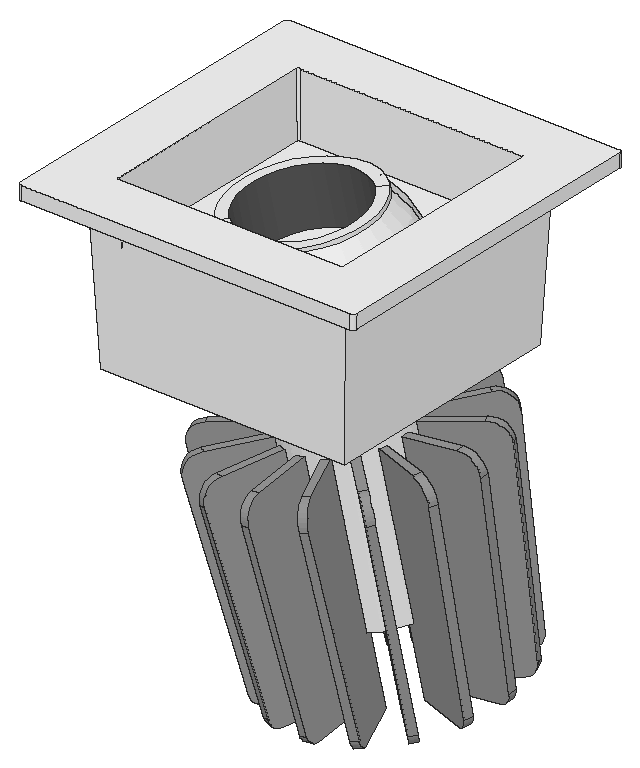
Revit family "2056228 Sylvania Lighting Fixture MYD ADJ SQ WHT 4K PHDIM WHT BEZ", category Lighting Fixtures, host Face, Revit 2016
Family settings
  Host = Face
  Part Type = Normal
  Round Connector Dimension = Use Diameter
  OmniClass Number = 23.80.70.00
  OmniClass Title = Lighting
  Cut with Voids When Loaded = Yes
  Light Source = No
  Shared = No
  Room Calculation Point = No
Parameters (values of type "2056228 MYD ADJ SQ WHT 4K PHDIM WHT BEZ")
  WidthCutOut_SYL = 72 mm
  Width_SYL = 86 mm
  WidthBezel_SYL = 7 mm
  Weight = "0.38 kg"
  Wattage Comments = "n/a"
  WarrantyStartDate [instance] = "n/a"
  WarrantyGuarantorParts = "n/a"
  WarrantyDurationUnit = "n/a"
  WarrantyDurationParts = "n/a"
  WarrantyDescription = "n/a"
  Voltage = 0 V
  VerticalTiltStart_FEILO [instance] = VerticalTilt_FEILO + 90.00°  # 135.00°
  VerticalTilt_FEILO [instance] = 45.00°
  URL = "http://www.sylvania-lighting.com"
  TypeName = "MYD ADJ SQ WHT 4K PHDIM WHT BEZ"
  TypeLamp_SYL = Myriad Adjustable Square Lamp : 2056228 MYD ADJ SQ WHT 4K PHDIM WHT BEZ
  Type Image = <None>
  Type Comments = "n/a"
  SphereRadius_FEILO = 31 mm
  SerialNumber [instance] = "n/a"
  Material_3_SYL = none
  PowerFactor = 0
  PowerConsumption = "10 W"
  NominalLength = 0 mm
  NominalHeight = 115 mm
  NominalDepth = 76 mm
  Name = "MYD ADJ SQ WHT 4K PHDIM WHT BEZ"
  ModelReference = Name  # "MYD ADJ SQ WHT 4K PHDIM WHT BEZ"
  ModelNumber = "2056228"
  Model = Name  # "MYD ADJ SQ WHT 4K PHDIM WHT BEZ"
  Material = "polycarbonate housing"
  ManufacturerName = "Feilo Sylvania"
  Manufacturer = "Feilo Sylvania"
  LuminousEfficacy = "68 lm/W"
  LuminaireType = ""
  LightOutputRatio = "100"
  LampsType = Lamp  # "LED"
  LampNominalLuminous = "684 lm"
  LampMacAdamStep = "n/a"
  LampColourTemperature = "4000 K"
  LampColourRenderingIndex = "85"
  Lamp = "LED"
  Keynote = "16500"
  InstallationDate [instance] = "n/a"
  InputVoltage = "n/a"
  InputNominalFrequency = "n/a"
  IngressProtection = "IP20"
  ImpactProtectionIndex = "IK02"
  IfcExportType = "IfcLightFixtureType"
  IfcExportAs = "IfcLightFixtureType"
  HorizontalTilt_FEILO [instance] = 10.00°
  HeightVoid_SYL = 16 mm
  HeightTop_SYL = 40 mm
  HeightBezel_SYL = 3.5 mm
  ExpectedLife = 50000
  ElectricShockClassification = "Class II"
  DurationUnit = "hours"
  DraftIn_SYL = tan(DraftAngle_SYL) * HeightVoid_SYL  # 0.699 mm
  DraftOut_SYL = tan(DraftAngle_SYL) * HeightTop_SYL  # 1.746 mm
  DraftAngle_SYL = 2.50°
  DocumentationLiterature = "http://www.sylvania-lighting.com/product/en-int/products/2056228"
  DimmingControlOptions = "n/a"
  Material_2_SYL = none
  Description = "MYD ADJ SQ WHT 4K PHDIM WHT BEZ"
  Default Elevation = 1219.2 mm
  CreatedOn = "9/11/2018"
  CreatedBy = "@sylvania-lighting.com"
  Cost = 0
  built-in parameter 1114216 [instance] = (empty or 0)
  ClassificationValue = "EF_70_80"
  ClassificationName = "Uniclass2015"
  Material_1_SYL = Body-Sylvania-MyriadAdjustableRound-White
  BarCode [instance] = "n/a"
  AssetType = "Fixed"
  AssetIdentifier [instance] = "n/a"
  Assembly Code = "D5020200"
  Apparent Load = 10 VA
  Material_4_SYL = Body-Sylvania-MyriadAdjustableRound-White
Reference planes
  plane 1 "Center (Front/Back)": y = 0
  plane 2: z = 0
  plane 3 "Center (Left/Right)": x = 0
  plane 4: z = 3.5
  plane 5: z = -12.5
  plane 6: z = -24.5
  plane 7: x = -36
  plane 8: x = 36
  plane 9: x = -43
  plane 10: x = 43
  plane 11: x = -33
  plane 12: x = -31.254
  plane 13: x = 33
  plane 14: x = 31.254
  plane 15: y = 43
  plane 16: y = -43
  plane 17: y = 36
  plane 18: y = -36
  plane 19: y = -33
  plane 20: y = 33
  plane 21: y = 31.254
  plane 22: y = -31.254
  plane 23: z = -40
  plane 24: z = -130
  plane 25: y = 29
  plane 26: x = -29
  plane 27: x = 29
  plane 28: y = -29
  plane 29: x = -28.301
  plane 30: y = 28.301
  plane 31: x = 28.301
  plane 32: y = -28.301
  plane 33: x = -42.5
  plane 34: z = 3
Forms (mm)
  Revolve 1, solid, not visible
    sketch origin (0, 0, 0) x (1, 0, 0) y (0, 0, 1)
      loop
        line (0, -24.5) -> (2.4, -24.5) -> (2.4, -12.5) -> (0, -12.5) -> (0, -24.5)
      axis (0, -12.5) -> (0, -24.5)
    angle from 135 <- "VerticalTiltStart_FEILO" to 45 <- "VerticalTilt_FEILO"
  Extrusion 2, void
    sketch origin (0, 0, 0) x (1, 0, 0) y (0, 1, 0)
      loop
        line (-36, 36) -> (-36, -36) -> (36, -36) -> (36, 36) -> (-36, 36)
    from 0 to -130
  Extrusion 3, solid, material "Body-Sylvania-MyriadAdjustableRound-White" <- "Material_1_SYL"
    sketch origin (0, 0, 0) x (1, 0, 0) y (0, 1, 0)
      loop
        arc (-42, 43) -> (-42.707, 42.707) -> (-43, 42) r 1
        line (-43, 42) -> (-43, -42)
        arc (-43, -42) -> (-42.707, -42.707) -> (-42, -43) r 1
        line (-42, -43) -> (42, -43)
        arc (42, -43) -> (42.707, -42.707) -> (43, -42) r 1
        line (43, -42) -> (43, 42)
        arc (43, 42) -> (42.707, 42.707) -> (42, 43) r 1
        line (42, 43) -> (-42, 43)
    from 0 to 3.5
  Blend 4, solid, material "Body-Sylvania-MyriadAdjustableRound-White" <- "Material_1_SYL"
    base sketch origin (0, 0, 0) x (1, 0, 0) y (0, 1, 0)
      loop
        line (-33, 33) -> (-33, -33) -> (33, -33) -> (33, 33) -> (-33, 33)
    top sketch origin (0, 0, 0) x (1, 0, 0) y (0, 1, 0)
      loop
        line (-31.254, 31.254) -> (-31.254, -31.254) -> (31.254, -31.254) -> (31.254, 31.254) -> (-31.254, 31.254)
    from 0 to -40
  Blend 5, void
    base sketch origin (1223.4, -4572, 3.5) x (-1, 0, 0) y (0, -1, 0)
      loop
        arc (1251.727, -4601) -> (1252.203, -4600.803) -> (1252.4, -4600.327) r 0.673
        line (1252.4, -4600.327) -> (1252.4, -4543.673)
        arc (1252.4, -4543.673) -> (1252.203, -4543.197) -> (1251.727, -4543) r 0.673
        line (1251.727, -4543) -> (1195.073, -4543)
        arc (1195.073, -4543) -> (1194.597, -4543.197) -> (1194.4, -4543.673) r 0.673
        line (1194.4, -4543.673) -> (1194.4, -4600.327)
        arc (1194.4, -4600.327) -> (1194.597, -4600.803) -> (1195.073, -4601) r 0.673
        line (1195.073, -4601) -> (1251.727, -4601)
    top sketch origin (1223.4, -4572, 3.5) x (-1, 0, 0) y (0, -1, 0)
      loop
        arc (1251.201, -4600.301) -> (1251.555, -4600.155) -> (1251.701, -4599.801) r 0.5
        line (1251.701, -4599.801) -> (1251.701, -4544.199)
        arc (1251.701, -4544.199) -> (1251.555, -4543.845) -> (1251.201, -4543.699) r 0.5
        line (1251.201, -4543.699) -> (1195.638, -4543.699)
        arc (1195.638, -4543.699) -> (1195.257, -4543.857) -> (1195.099, -4544.238) r 0.539
        line (1195.099, -4544.238) -> (1195.099, -4599.801)
        arc (1195.099, -4599.801) -> (1195.245, -4600.155) -> (1195.599, -4600.301) r 0.5
        line (1195.599, -4600.301) -> (1251.201, -4600.301)
    from 0 to -16
  Revolve 6, void
    sketch origin (0, 0, 0) x (1, 0, 0) y (0, 0, 1)
      loop
        arc (0, 5.853) -> (-24.7, -24.5) -> (0, -54.853) r 31
        line (0, -54.853) -> (0, 5.853)
      axis (0, 5.853) -> (0, -54.853)
    angle from 360 to 0
Cuts and joins
  Blend 5 cuts Extrusion 3
  Blend 5, Revolve 6 cuts Blend 4
  joined: Extrusion 3, Blend 4
Lines and regions (mm)
  reference lines
    curve 1: circle (6.3, 0, -24.5) r 31 normal (0, -1, 0)
Dimensions and locks
  "HeightBezel_SYL": plane 4 to plane 2
  locked: plane 5 to plane 6 at 12
  equal spacing: plane 9, plane 3 "Center (Left/Right)", plane 10
  equal spacing: plane 16, plane 1 "Center (Front/Back)", plane 15
  "Width_SYL": plane 16 to plane 15
  "Width_SYL": plane 9 to plane 10
  equal spacing: plane 7, plane 3 "Center (Left/Right)", plane 8
  "WidthCutOut_SYL": plane 7 to plane 8
  equal spacing: plane 18, plane 1 "Center (Front/Back)", plane 17
  "WidthCutOut_SYL": plane 18 to plane 17
  equal spacing: plane 11, plane 3 "Center (Left/Right)", plane 13
  equal spacing: plane 19, plane 1 "Center (Front/Back)", plane 20
  locked: plane 18 to plane 19 at 3
  locked: plane 7 to plane 11 at 3
  equal spacing: plane 12, plane 3 "Center (Left/Right)", plane 14
  "DraftOut_SYL": plane 11 to plane 12
  equal spacing: plane 22, plane 1 "Center (Front/Back)", plane 21
  "DraftOut_SYL": plane 19 to plane 22
  "HeightTop_SYL": plane 2 to plane 23
  locked: plane 2 to plane 24 at 130
  equal spacing: plane 26, plane 3 "Center (Left/Right)", plane 27
  equal spacing: plane 28, plane 1 "Center (Front/Back)", plane 25
  "WidthBezel_SYL": plane 25 to plane 17
  "WidthBezel_SYL": plane 7 to plane 26
  equal spacing: plane 29, plane 3 "Center (Left/Right)", plane 31
  "DraftIn_SYL": plane 26 to plane 29
  equal spacing: plane 32, plane 1 "Center (Front/Back)", plane 30
  "DraftIn_SYL": plane 28 to plane 32
  "HeightVoid_SYL": plane 4 to plane 5
  locked: plane 33 to plane 9 at 0.5
  locked: plane 4 to plane 34 at 0.5
  curve 1 to plane 3 "Center (Left/Right)" = 6.3 mm
  "SphereRadius_FEILO": radius of curve 1
  aligned and locked: plane 2 to host face
  aligned and locked: level to host face
  aligned and locked: plane 6 to Revolve 1 sketch curve
  aligned and locked: Revolve 1 sketch curve to plane 3 "Center (Left/Right)"  (x2)
  aligned and locked: Revolve 1 sketch curve to plane 5
  aligned and locked: plane 17 to Extrusion 2 sketch curve
  aligned and locked: Extrusion 2 sketch curve to plane 18
  aligned and locked: Extrusion 2 sketch curve to plane 8
  aligned and locked: plane 7 to Extrusion 2 sketch curve
  aligned and locked: plane 24 to Extrusion 2
  aligned and locked: level to Extrusion 2
  aligned and locked: plane 15 to Extrusion 3 sketch curve
  aligned and locked: plane 9 to Extrusion 3 sketch curve
  aligned and locked: Extrusion 3 sketch curve to plane 16
  aligned and locked: Extrusion 3 sketch curve to plane 10
  aligned and locked: Extrusion 3 to plane 4
  aligned and locked: Extrusion 3 to level
  aligned and locked: plane 20 to Blend 4 sketch curve
  aligned and locked: Blend 4 sketch curve to plane 19
  aligned and locked: Blend 4 sketch curve to plane 13
  aligned and locked: plane 11 to Blend 4 sketch curve
  aligned and locked: plane 21 to Blend 4 sketch curve
  aligned and locked: plane 12 to Blend 4 sketch curve
  aligned and locked: Blend 4 sketch curve to plane 22
  aligned and locked: Blend 4 sketch curve to plane 14
  aligned and locked: plane 23 to Blend 4
  aligned and locked: level to Blend 4
  aligned and locked: nested 1 to plane 6
  aligned and locked: plane 25 to Blend 5 sketch curve
  aligned and locked: plane 26 to Blend 5 sketch curve
  aligned and locked: Blend 5 sketch curve to plane 28
  aligned and locked: Blend 5 sketch curve to plane 27
  aligned and locked: plane 30 to Blend 5 sketch curve
  aligned and locked: plane 29 to Blend 5 sketch curve
  aligned and locked: Blend 5 sketch curve to plane 32
  aligned and locked: Blend 5 sketch curve to plane 31
  aligned and locked: plane 5 to Blend 5
  aligned and locked: Blend 5 to plane 4
  aligned and locked: plane 6 to curve 1
  aligned and locked: Revolve 6 sketch curve to plane 3 "Center (Left/Right)"
Automatic sketch dimensions
  host sketch curve to host sketch curve = 2438.4 mm  (x2)
  Revolve 1 sketch curve to plane 4 = 2605.558 mm
  plane 3 "Center (Left/Right)" to Revolve 1 sketch curve = 2.4 mm
  plane 6 to Revolve 1 sketch curve = 577.6 mm
  plane 9 to Extrusion 3 sketch curve = 1 mm
  Extrusion 3 sketch curve to Extrusion 3 sketch curve = 1 mm
  Extrusion 3 sketch curve to plane 10 = 1 mm  (x2)
  plane 31 to Blend 5 sketch curve = 0.026 mm  (x2)
  Blend 5 sketch curve to plane 29 = 0.026 mm  (x2)
  Blend 5 sketch curve to Blend 5 sketch curve = 0.5 mm
  Blend 5 sketch curve to Blend 5 sketch curve = 0.539 mm
  plane 29 to Blend 5 sketch curve = 0.5 mm  (x2)
  plane 24 to Revolve 6 sketch curve = 479.6 mm
  Revolve 6 sketch curve to plane 4 = 2605.558 mm
  Revolve 6 sketch curve to plane 3 "Center (Left/Right)" = 0 mm
  Revolve 6 sketch curve to plane 6 = 0 mm
  plane 3 "Center (Left/Right)" to Revolve 6 sketch curve = 6.3 mm
  Revolve 6 sketch curve to plane 4 = 2.353 mm
Nested families
  nested 1: "Myriad Adjustable Square Rotation Feature" at (-0.473, 0.473, -24.5) x (-0.7071, 0.7071, 0) z (-0.7071, -0.7071, 0), HorizontalAxis <- "HorizontalTilt_FEILO", type "Myriad Adjustable Square Rotation Feature"
    with HorizontalAxis 10.00°, EndAngle 100.00°
  nested 2: "Myriad Adjustable Square Lamp" at (0, 0, -24.5) x (0.6964, 0.6964, 0.1736) z (0.1228, 0.1228, -0.9848), type <- "TypeLamp_SYL", type "2056228 MYD ADJ SQ WHT 4K PHDIM WHT BEZ"
Connectors
  electrical at (0, 0, 0), driven by "Apparent Load", driven by "PowerFactor", driven by "Voltage"
    settings: index 1, voltage 0 V, apparent load 10 VA, apparent load phase1 0 VA, apparent load phase2 0 VA, apparent load phase3 0 VA, power factor 0, load classification "Lighting", number of poles 1, system type 30, power factor state 1, is connector primary yes, connector utility no, sub classification motor no, connector description ""
Definition of nested family "Myriad Adjustable Square Rotation Feature"
  Parameters (values of type "Myriad Adjustable Square Rotation Feature")
    URL = "http://www.sylvania-lighting.com"
    Type Comments = "n/a"
    Model = "n/a"
    Manufacturer = "Feilo Sylvania"
    Keynote = "n/a"
    HorizontalAxis [instance] = 0.00°
    EndAngle [instance] = HorizontalAxis + 90.00°  # 90.00°
    Description = "n/a"
    Default Elevation = 1219.2 mm
    Cost = 0
    Assembly Code = "n/a"
  Reference planes
    plane 1 "Center (Front/Back)": y = 0
    plane 2: z = 0
    plane 3 "Center (Left/Right)": x = 0
    plane 4: z = 10
    plane 5: x = -10
    plane 6: x = 10
  Forms (mm)
    Extrusion 1, solid
      sketch origin (-0.8, 0, 0) x (1, 0, 0) y (0, 1, 0)
        loop
          line (-1219.2, 1219.2) -> (-1219.2, -1219.2) -> (1219.2, -1219.2) -> (1219.2, 1219.2) -> (-1219.2, 1219.2)
      from 0 to -304.8
    Revolve 2, solid
      sketch origin (0, 0, 0) x (1, 0, 0) y (0, 0, 1)
        loop
          line (-10, 10) -> (-10, 0) -> (10, 0) -> (10, 10) -> (-10, 10)
        axis (-10, 0) -> (10, 0)
      angle from 0 <- "HorizontalAxis" to 90 <- "EndAngle"
  Dimensions and locks
    plane 4 to plane 2 = 10 mm
    aligned and locked: plane 2 to Extrusion 1
    aligned and locked: level to Extrusion 1
    aligned and locked: Revolve 2 sketch curve to plane 4
    aligned and locked: plane 5 to Revolve 2 sketch curve
    aligned and locked: Extrusion 1 to Revolve 2 sketch curve
    aligned and locked: Revolve 2 sketch curve to plane 2
    aligned and locked: Revolve 2 sketch curve to plane 6
Definition of nested family "Myriad Adjustable Square Lamp"
  Parameters (values of type "2058044 MYSQ AD BLK 2.7K DALI SIL BZ")
    Wattage = 10 W
    built-in parameter 1150110 = 1 (stored number, unit not read)
    URL = "http://www.sylvania-lighting.com"
    Type Comments = "n/a"
    built-in parameter 1114217 = 1 (stored number, unit not read)
    Tilt Angle = 90.00°
    built-in parameter 1150109 = 1 (stored number, unit not read)
    built-in parameter 1150134 = (empty or 0)
    built-in parameter 1150113 = 1 (stored number, unit not read)
    SphereRadius_SYL = 31 mm
    RimHeight_SYL = 1 mm
    Material_3_SYL = none
    Photometric Web File = "2058044.ies"
    Model = "MYSQ AD BLK 2.7K DALI SIL BZ"
    Manufacturer = "Feilo Sylvania"
    built-in parameter 1150105 = 54.113 (stored number, unit not read)
    Lumens = 680 lm
    built-in parameter 1150115 = 1 (stored number, unit not read)
    built-in parameter 1150137 = (empty or 0)
    built-in parameter 1150139 = (empty or 0)
    built-in parameter 1150112 = 1 (stored number, unit not read)
    built-in parameter 1150114 = 1 (stored number, unit not read)
    Lamp = "LED"
    Keynote = "16500"
    built-in parameter 1150132 = (empty or 0)
    built-in parameter 1150102 = (empty or 0)
    built-in parameter 1150107 = 2700 (stored number, unit not read)
    built-in parameter 1150138 = (empty or 0)
    built-in parameter 1150106 = 0.54113 (stored number, unit not read)
    Emit from Circle Diameter = 30 mm
    Emit Shape Visible in Rendering = no
    built-in parameter 1150104 = 6.3174 (stored number, unit not read)
    Dimming Lamp Color Temperature Shift = (empty or 0)
    Material_2_SYL = none
    Description = "Myriad Adjustable Square 2700K DALI black interior with silver bezel"
    Default Elevation = 1219.2 mm
    Cost = 0
    Color Filter = 16777215
    Material_1_SYL = none
    built-in parameter 1114218 = 1 (stored number, unit not read)
    built-in parameter 1150133 = 10 (stored number, unit not read)
    Assembly Code = "D5020200"
    Material_4_SYL = none
    Apparent Load = 10 VA
  Types (24, lengths in mm): name | built-in parameter 1150134 | Photometric Web File | Model | built-in parameter 1150105 | Lumens | built-in parameter 1150107 | built-in parameter 1150106 | built-in parameter 1150104 | Description
    2058044 MYSQ AD BLK 2.7K DALI SIL BZ | (empty or 0) | "2058044.ies" | "MYSQ AD BLK 2.7K DALI SIL BZ" | 54.113 (stored number, unit not read) | 680 lm | 2700 (stored number, unit not read) | 0.54113 (stored number, unit not read) | 6.3174 (stored number, unit not read) | "Myriad Adjustable Square 2700K DALI black interior with silver bezel"
    2058043 MYSQ AD BLK 2.7K PHDIM SIL BZ | (empty or 0) | "2058043.ies" | "MYSQ AD BLK 2.7K PHDIM SIL BZ" | 54.113 (stored number, unit not read) | 680 lm | 2700 (stored number, unit not read) | 0.54113 (stored number, unit not read) | 6.3174 (stored number, unit not read) | "Myriad Adjustable Square 2700K Phase dimmable black interior with silver bezel"
    2058042 MYSQ AD BLK 2.7K DALI WHT BZ | (empty or 0) | "2058042.ies" | "MYSQ AD BLK 2.7K DALI WHT BZ" | 54.113 (stored number, unit not read) | 680 lm | 2700 (stored number, unit not read) | 0.54113 (stored number, unit not read) | 6.3174 (stored number, unit not read) | "Myriad Adjustable Square 2700K DALI black interior with white bezel"
    2058041 MYSQ AD BLK 2.7K PHDIM WHT BZ | (empty or 0) | "2058041.ies" | "MYSQ AD BLK 2.7K PHDIM WHT BZ" | 45.359 (stored number, unit not read) | 570 lm | 2700 (stored number, unit not read) | 0.45359 (stored number, unit not read) | 5.2955 (stored number, unit not read) | "Myriad Adjustable Square 2700K Phase dimmable black interior with white bezel"
    2058040 MYSQ AD WHT 2.7K DALI SIL BZ | (empty or 0) | "2058040.ies" | "MYSQ AD WHT 2.7K DALI SIL BZ" | 45.359 (stored number, unit not read) | 570 lm | 2700 (stored number, unit not read) | 0.45359 (stored number, unit not read) | 5.2955 (stored number, unit not read) | "Myriad Adjustable Square 2700K DALI White interior with silver bezel."
    2058039 MYSQ AD WHT 2.7K PHDIM SIL BZ | (empty or 0) | "2058039.ies" | "MYSQ AD WHT 2.7K PHDIM SIL BZ" | 54.113 (stored number, unit not read) | 680 lm | 2700 (stored number, unit not read) | 0.54113 (stored number, unit not read) | 6.3174 (stored number, unit not read) | "MYSQ AD WHT 2.7K PHDIM SIL BZ"
    2058038 MYSQ AD WHT 2.7K DALI WHT BZ | (empty or 0) | "2058038.ies" | "MYSQ AD WHT 2.7K DALI WHT BZ" | 54.113 (stored number, unit not read) | 680 lm | 2700 (stored number, unit not read) | 0.54113 (stored number, unit not read) | 6.3174 (stored number, unit not read) | "MYSQ AD WHT 2.7K DALI WHT BZ"
    2058037 MYSQ AD WHT 2.7K PHDIM WHT BZ | (empty or 0) | "2058037.ies" | "MYSQ AD WHT 2.7K PHDIM WHT BZ" | 54.113 (stored number, unit not read) | 680 lm | 2700 (stored number, unit not read) | 0.54113 (stored number, unit not read) | 6.3174 (stored number, unit not read) | "Myriad Adjustable SQ White 2,7K Phase dim White Bezel"
    2056239 MYD ADJ SQ BLK 4K DALI SIL BEZ | 12 | "2056239.ies" | "MYD ADJ SQ BLK 4K DALI SIL BEZ" | 54.113 (stored number, unit not read) | 680 lm | 4000 (stored number, unit not read) | 0.54113 (stored number, unit not read) | 6.3174 (stored number, unit not read) | "MYD ADJ SQ BLK 4K DALI SIL BEZ"
    2056238 MYR ADJ SQ BLK 4K PHDIM SIL BEZ | 12 | "2056238.ies" | "MYR ADJ SQ BLK 4K PHDIM SIL BEZ" | 54.113 (stored number, unit not read) | 680 lm | 4000 (stored number, unit not read) | 0.54113 (stored number, unit not read) | 6.3174 (stored number, unit not read) | "MYR ADJ SQ BLK 4K PHDIM SIL BEZ"
    2056237 MYD ADJ SQ BLK 4K DALI WHT BEZ | 12 | "2056237.ies" | "MYD ADJ SQ BLK 4K DALI WHT BEZ" | 54.113 (stored number, unit not read) | 680 lm | 4000 (stored number, unit not read) | 0.54113 (stored number, unit not read) | 6.3174 (stored number, unit not read) | "MYD ADJ SQ BLK 4K DALI WHT BEZ"
    2056236 MYD ADJ SQ BLK 4K PHDIM WHT BEZ | 12 | "2056236.ies" | "MYD ADJ SQ BLK 4K PHDIM WHT BEZ" | 54.113 (stored number, unit not read) | 680 lm | 4000 (stored number, unit not read) | 0.54113 (stored number, unit not read) | 6.3174 (stored number, unit not read) | "MYD ADJ SQ BLK 4K PHDIM WHT BEZ"
    2056235 MYD ADJ SQ BLK 3K DALI SIL BEZ | (empty or 0) | "2056235.ies" | "MYD ADJ SQ BLK 3K DALI SIL BEZ" | 55.704 (stored number, unit not read) | 700 lm | 3000 (stored number, unit not read) | 0.55704 (stored number, unit not read) | 6.5032 (stored number, unit not read) | "MYD ADJ SQ BLK 3K DALI SIL BEZ"
    2056234 MYD ADJ SQ BLK 3K PHDIM SILBEZ | (empty or 0) | "2056234.ies" | "MYD ADJ SQ BLK 3K PHDIM SILBEZ" | 55.704 (stored number, unit not read) | 700 lm | 3000 (stored number, unit not read) | 0.55704 (stored number, unit not read) | 6.5032 (stored number, unit not read) | "MYD ADJ SQ BLK 3K PHDIM SILBEZ"
    2056233 MYD ADJ SQ BLK 3K DALI WHT BEZ | (empty or 0) | "2056233.ies" | "MYD ADJ SQ BLK 3K DALI WHT BEZ" | 55.704 (stored number, unit not read) | 700 lm | 3000 (stored number, unit not read) | 0.55704 (stored number, unit not read) | 6.5032 (stored number, unit not read) | "MYD ADJ SQ BLK 3K DALI WHT BEZ"
    2056232 MYD ADJ SQ BLK 3K PHDIM WHT BEZ | (empty or 0) | "2056232.ies" | "MYD ADJ SQ BLK 3K PHDIM WHT BEZ" | 55.704 (stored number, unit not read) | 700 lm | 3000 (stored number, unit not read) | 0.55704 (stored number, unit not read) | 6.5032 (stored number, unit not read) | "MYD ADJ SQ BLK 3K PHDIM WHT BEZ"
    2056231 MYD ADJ SQ WHT 4K DALI SIL BEZ | 12 | "2056231.ies" | "MYD ADJ SQ WHT 4K DALI SIL BEZ" | 54.113 (stored number, unit not read) | 680 lm | 4000 (stored number, unit not read) | 0.54113 (stored number, unit not read) | 6.3174 (stored number, unit not read) | "MYD ADJ SQ WHT 4K DALI SIL BEZ"
    2056230 MYD ADJ SQ WHT 4K PHDIM SIL BEZ | 12 | "2056230.ies" | "MYD ADJ SQ WHT 4K PHDIM SIL BEZ" | 54.113 (stored number, unit not read) | 680 lm | 4000 (stored number, unit not read) | 0.54113 (stored number, unit not read) | 6.3174 (stored number, unit not read) | "Myriad Adjustable Square 4000K phase dimmable white with silver bezel"
    2056229 MYD ADJ SQ WHT 4K DALI WHT BEZ | 12 | "2056229.ies" | "MYD ADJ SQ WHT 4K DALI WHT BEZ" | 54.113 (stored number, unit not read) | 680 lm | 4000 (stored number, unit not read) | 0.54113 (stored number, unit not read) | 6.3174 (stored number, unit not read) | "MYD ADJ SQ WHT 4K DALI WHT BEZ"
    2056228 MYD ADJ SQ WHT 4K PHDIM WHT BEZ | 12 | "2056228.ies" | "MYD ADJ SQ WHT 4K PHDIM WHT BEZ" | 54.113 (stored number, unit not read) | 680 lm | 4000 (stored number, unit not read) | 0.54113 (stored number, unit not read) | 6.3174 (stored number, unit not read) | "MYD ADJ SQ WHT 4K PHDIM WHT BEZ"
    2056227 MYD ADJ SQ WHT 3K DALI SIL BEZ | (empty or 0) | "2056227.ies" | "MYD ADJ SQ WHT 3K DALI SIL BEZ" | 55.704 (stored number, unit not read) | 700 lm | 3000 (stored number, unit not read) | 0.55704 (stored number, unit not read) | 6.5032 (stored number, unit not read) | "MYD ADJ SQ WHT 3K DALI SIL BEZ"
    2056226 MYD ADJ SQ WHT 3K PHDIM SIL BEZ | (empty or 0) | "2056226.ies" | "MYD ADJ SQ WHT 3K PHDIM SIL BEZ" | 55.704 (stored number, unit not read) | 700 lm | 3000 (stored number, unit not read) | 0.55704 (stored number, unit not read) | 6.5032 (stored number, unit not read) | "MYD ADJ SQ WHT 3K PHDIM SIL BEZ"
    2056225 MYD ADJ SQ WHT 3K DALI WHT BEZ | (empty or 0) | "2056225.ies" | "MYD ADJ SQ WHT 3K DALI WHT BEZ" | 55.704 (stored number, unit not read) | 700 lm | 3000 (stored number, unit not read) | 0.55704 (stored number, unit not read) | 6.5032 (stored number, unit not read) | "MYD ADJ SQ WHT 3K DALI WHT BEZ"
    2056224 MYD ADJ SQ WHT 3K PHDIM WHT BEZ | (empty or 0) | "2056224.ies" | "MYD ADJ SQ WHT 3K PHDIM WHT BEZ" | 55.704 (stored number, unit not read) | 700 lm | 3000 (stored number, unit not read) | 0.55704 (stored number, unit not read) | 6.5032 (stored number, unit not read) | "MYD ADJ SQ WHT 3K PHDIM WHT BEZ"
  Reference planes
    plane 1 "Center (Front/Back)": y = 0
    plane 2: z = 0
    plane 3 "Center (Left/Right)": x = 0
    plane 4: x = -35
    plane 5: x = -12
    plane 6: x = -15
    plane 7: x = -25
    plane 8: x = -17.8
    plane 9: z = -19.5
    plane 10: z = 19.5
    plane 11: z = 30.5
    plane 12: z = 71.5
    plane 13: z = 90.5
    plane 14: z = 0
    plane 15: z = -5.5
    plane 16: x = -30
    plane 17: z = -20.5
  Forms (mm)
    Extrusion 1, solid
      sketch origin (-0.8, 0, 0) x (1, 0, 0) y (0, 1, 0)
        loop
          line (-1219.2, 1219.2) -> (-1219.2, -1219.2) -> (1219.2, -1219.2) -> (1219.2, 1219.2) -> (-1219.2, 1219.2)
      from 0 to -304.8
    Revolve 2, solid, material <- "Material_1_SYL"
      sketch origin (0, 0, 0) x (1, 0, 0) y (0, 0, 1)
        loop
          line (-15, -20.5) -> (-15, -5.5) -> (0, -5.5) -> (0, 30.5) -> (-12, 30.5) -> (-12, 71.5) -> (-15, 71.5) -> (-15, 19.5) -> (-17.8, 19.5)
          arc (-17.8, 19.5) -> (-24.701, 0) -> (-17.8, -19.5) r 31
          line (-17.8, -19.5) -> (-17.8, -20.5) -> (-15, -20.5)
        axis (0, 71.5) -> (0, -20.5)
      angle from 0 to 360
    Revolve 3, solid, material <- "Material_1_SYL", detail levels coarse+medium
      sketch origin (0, 0, 0) x (1, 0, 0) y (0, 0, 1)
        loop
          line (0, 30.5) -> (0, 90.5) -> (-30, 90.5) -> (-35, 30.5) -> (0, 30.5)
        axis (0, 90.5) -> (0, 30.5)
      angle from 0 to 360
  Lines and regions (mm)
    reference lines
      curve 1: line (0, 0, 0) -> (-32.336, 13.394, 0)
      curve 2: circle (0, 0, 0) r 35 normal (0, 0, 1)
      curve 3: line (0, 0, 0) -> (-24.749, 24.749, 0)
      curve 4: line (0, 0, 0) -> (-13.394, 32.336, 0)
      curve 5: line (0, 0, 0) -> (13.394, 32.336, 0)
      curve 6: line (0, 0, 0) -> (24.749, 24.749, 0)
      curve 7: line (0, 0, 0) -> (32.336, 13.394, 0)
      curve 8: line (0, 0, 0) -> (32.336, -13.394, 0)
      curve 9: line (0, 0, 0) -> (24.749, -24.749, 0)
      curve 10: line (0, 0, 0) -> (13.394, -32.336, 0)
      curve 11: line (0, 0, 0) -> (-13.394, -32.336, 0)
      curve 12: line (0, 0, 0) -> (-24.749, -24.749, 0)
      curve 13: line (0, 0, 0) -> (-32.336, -13.394, 0)
  Dimensions and locks
    locked: plane 3 "Center (Left/Right)" to plane 4 at 35
    locked: plane 3 "Center (Left/Right)" to plane 5 at 12
    locked: plane 3 "Center (Left/Right)" to plane 6 at 15
    locked: plane 3 "Center (Left/Right)" to plane 7 at 25
    locked: plane 3 "Center (Left/Right)" to plane 8 at 17.8
    equal spacing: plane 10, plane 14, plane 9
    locked: plane 3 "Center (Left/Right)" to plane 16 at 30
    "RimHeight_SYL": plane 9 to plane 17
    locked: plane 15 to plane 17 at 15
    locked: plane 10 to plane 17 at 40
    locked: plane 11 to plane 17 at 51
    locked: plane 12 to plane 17 at 92
    locked: plane 13 to plane 17 at 111
    radius of curve 2 = 35 mm
    "SphereRadius_SYL": radius of Revolve 2 sketch curve
    angle curve 3 to plane 1 "Center (Front/Back)" = 45.00°
    angle curve 4 to plane 1 "Center (Front/Back)" = 67.50°
    angle plane 1 "Center (Front/Back)" to curve 5 = 67.50°
    angle plane 1 "Center (Front/Back)" to curve 6 = 45.00°
    angle plane 1 "Center (Front/Back)" to curve 7 = 22.50°
    angle curve 8 to plane 1 "Center (Front/Back)" = 22.50°
    angle curve 9 to plane 1 "Center (Front/Back)" = 45.00°
    angle curve 10 to plane 1 "Center (Front/Back)" = 67.50°
    angle curve 11 to plane 3 "Center (Left/Right)" = 22.50°
    angle curve 12 to plane 3 "Center (Left/Right)" = 45.00°
    angle curve 13 to plane 3 "Center (Left/Right)" = 67.50°
    aligned and locked: plane 2 to Extrusion 1
    aligned and locked: level to Extrusion 1
    aligned and locked: Revolve 2 sketch curve to plane 3 "Center (Left/Right)"  (x2)
    aligned and locked: plane 8 to Revolve 2 sketch curve  (x2)
    aligned and locked: plane 10 to Revolve 2 sketch curve
    aligned and locked: plane 6 to Revolve 2 sketch curve  (x2)
    aligned and locked: plane 12 to Revolve 2 sketch curve
    aligned and locked: Revolve 2 sketch curve to plane 5
    aligned and locked: plane 3 "Center (Left/Right)" to Revolve 2 sketch curve
    aligned and locked: plane 11 to Revolve 2 sketch curve
    aligned and locked: plane 3 "Center (Left/Right)" to curve 1
    aligned and locked: plane 3 "Center (Left/Right)" to curve 2
    aligned and locked: Revolve 3 sketch curve to plane 3 "Center (Left/Right)"
    aligned and locked: plane 13 to Revolve 3 sketch curve
    aligned and locked: plane 14 to level
    aligned and locked: plane 17 to Revolve 2 sketch curve
    aligned and locked: plane 15 to Revolve 2 sketch curve
    aligned and locked: imposter light to plane 1 "Center (Front/Back)"
    aligned and locked: plane 3 "Center (Left/Right)" to imposter light
    aligned and locked: plane 1 "Center (Front/Back)" to nested 1
    aligned and locked: plane 3 "Center (Left/Right)" to nested 1
    aligned and locked: imposter light to plane 15
  Automatic sketch dimensions
    Extrusion 1 sketch curve to Extrusion 1 sketch curve = 2438.4 mm  (x2)
    plane 1 "Center (Front/Back)" to curve 2 = 0 mm
    plane 1 "Center (Front/Back)" to curve 11 = 0 mm
    curve 1 to plane 16 = 2.336 mm
    Revolve 3 sketch curve to level = 609.6 mm
    Revolve 3 sketch curve to Revolve 3 sketch curve = 2498.058 mm
    Revolve 3 sketch curve to plane 4 = 0 mm
    Revolve 3 sketch curve to plane 16 = 0 mm
    Revolve 3 sketch curve to plane 3 "Center (Left/Right)" = 0 mm
    Revolve 3 sketch curve to plane 11 = 0 mm
    Revolve 2 sketch curve to level = 0 mm
    Revolve 2 sketch curve to plane 17 = 588.1 mm
    Revolve 2 sketch curve to plane 13 = 2498.058 mm
  Nested families
    nested 1: "Myriad Rib" at (0, 0, -20.5), type "Myriad Rib", detail levels fine
    nested 2: "Myriad Rib" at (0, 0, -20.5) x (0.9239, -0.3827, 0) z (0, 0, 1), type "Myriad Rib", detail levels fine
    nested 3: "Myriad Rib" at (0, 0, -20.5) x (0.7071, -0.7071, 0) z (0, 0, 1), type "Myriad Rib", detail levels fine
    nested 4: "Myriad Rib" at (0, 0, -20.5) x (0.3827, -0.9239, 0) z (0, 0, 1), type "Myriad Rib", detail levels fine
    nested 5: "Myriad Rib" at (0, 0, -20.5) x (0, -1, 0) z (0, 0, 1), type "Myriad Rib", detail levels fine
    nested 6: "Myriad Rib" at (0, 0, -20.5) x (-0.3827, -0.9239, 0) z (0, 0, 1), type "Myriad Rib", detail levels fine
    nested 7: "Myriad Rib" at (0, 0, -20.5) x (-0.7071, -0.7071, 0) z (0, 0, 1), type "Myriad Rib", detail levels fine
    nested 8: "Myriad Rib" at (0, 0, -20.5) x (-0.9239, -0.3827, 0) z (0, 0, 1), type "Myriad Rib", detail levels fine
    nested 9: "Myriad Rib" at (0, 0, -20.5) x (-1, 0, 0) z (0, 0, 1), type "Myriad Rib", detail levels fine
    nested 10: "Myriad Rib" at (0, 0, -20.5) x (-0.9239, 0.3827, 0) z (0, 0, 1), type "Myriad Rib", detail levels fine
    nested 11: "Myriad Rib" at (0, 0, -20.5) x (-0.7071, 0.7071, 0) z (0, 0, 1), type "Myriad Rib", detail levels fine
    nested 12: "Myriad Rib" at (0, 0, -20.5) x (-0.3827, 0.9239, 0) z (0, 0, 1), type "Myriad Rib", detail levels fine
    nested 13: "Myriad Rib" at (0, 0, -20.5) x (0, 1, 0) z (0, 0, 1), type "Myriad Rib", detail levels fine
    nested 14: "Myriad Rib" at (0, 0, -20.5) x (0.3827, 0.9239, 0) z (0, 0, 1), type "Myriad Rib", detail levels fine
    nested 15: "Myriad Rib" at (0, 0, -20.5) x (0.7071, 0.7071, 0) z (0, 0, 1), type "Myriad Rib", detail levels fine
    nested 16: "Myriad Rib" at (0, 0, -20.5) x (0.9239, 0.3827, 0) z (0, 0, 1), type "Myriad Rib", detail levels fine
  Definition of nested family "Myriad Rib"
    Parameters (values of type "Myriad Rib")
      URL = "http://www.feilosylvania.com"
      Type Comments = "n/a"
      Material_3_SYL = none
      Model = "n/a"
      Manufacturer = "Feilo Sylvania"
      Keynote = "n/a"
      Material_2_SYL = none
      Description = "n/a"
      Default Elevation = 1219.2 mm
      Cost = 0
      Material_1_SYL = none
      Assembly Code = "n/a"
      Material_4_SYL = none
    Reference planes
      plane 1 "Center (Front/Back)": y = 0
      plane 2: z = 0
      plane 3 "Center (Left/Right)": x = 0
      plane 4: x = -35
      plane 5: x = -30
      plane 6: x = -13
      plane 7: z = 51
      plane 8: z = 111
      plane 9: y = 1
      plane 10: y = -1
    Forms (mm)
      Extrusion 1, solid
        sketch origin (-0.8, 0, 0) x (1, 0, 0) y (0, 1, 0)
          loop
            line (-1219.2, 1219.2) -> (-1219.2, -1219.2) -> (1219.2, -1219.2) -> (1219.2, 1219.2) -> (-1219.2, 1219.2)
        from 0 to -304.8
      Extrusion 2, solid, material <- "Material_1_SYL"
        sketch origin (0, 0, 0) x (1, 0, 0) y (0, 0, 1)
          loop
            line (-13, 111) -> (-27.182, 111)
            arc (-27.182, 111) -> (-29.214, 110.208) -> (-30.172, 108.249) r 3
            line (-30.172, 108.249) -> (-34.491, 56.415)
            arc (-34.491, 56.415) -> (-33.188, 52.614) -> (-29.509, 51) r 5
            line (-29.509, 51) -> (-13, 51) -> (-13, 111)
        from -1 to 1
    Dimensions and locks
      locked: plane 7 to plane 2 at 51
      locked: plane 8 to plane 2 at 111
      locked: plane 3 "Center (Left/Right)" to plane 6 at 13
      locked: plane 3 "Center (Left/Right)" to plane 5 at 30
      locked: plane 3 "Center (Left/Right)" to plane 4 at 35
      equal spacing: plane 10, plane 1 "Center (Front/Back)", plane 9, locked at 1 each
      locked: plane 10 to plane 9 at 2
      aligned and locked: plane 2 to Extrusion 1
      aligned and locked: level to Extrusion 1
      aligned and locked: plane 8 to Extrusion 2 sketch curve  (x2)
      aligned and locked: Extrusion 2 sketch curve to plane 6
      aligned and locked: Extrusion 2 sketch curve to plane 7
      aligned and locked: Extrusion 2 to plane 9
      aligned and locked: plane 10 to Extrusion 2
    Automatic sketch dimensions
      Extrusion 1 sketch curve to Extrusion 1 sketch curve = 2438.4 mm  (x2)
      Extrusion 2 sketch curve to plane 6 = 0 mm
      plane 5 to Extrusion 2 sketch curve = 2.818 mm
      plane 5 to Extrusion 2 sketch curve = 0.491 mm
      Extrusion 2 sketch curve to plane 5 = 0.172 mm
      plane 4 to Extrusion 2 sketch curve = 0.509 mm
      Extrusion 2 sketch curve to Extrusion 2 sketch curve = 5 mm
      Extrusion 2 sketch curve to Extrusion 2 sketch curve = 3 mm
